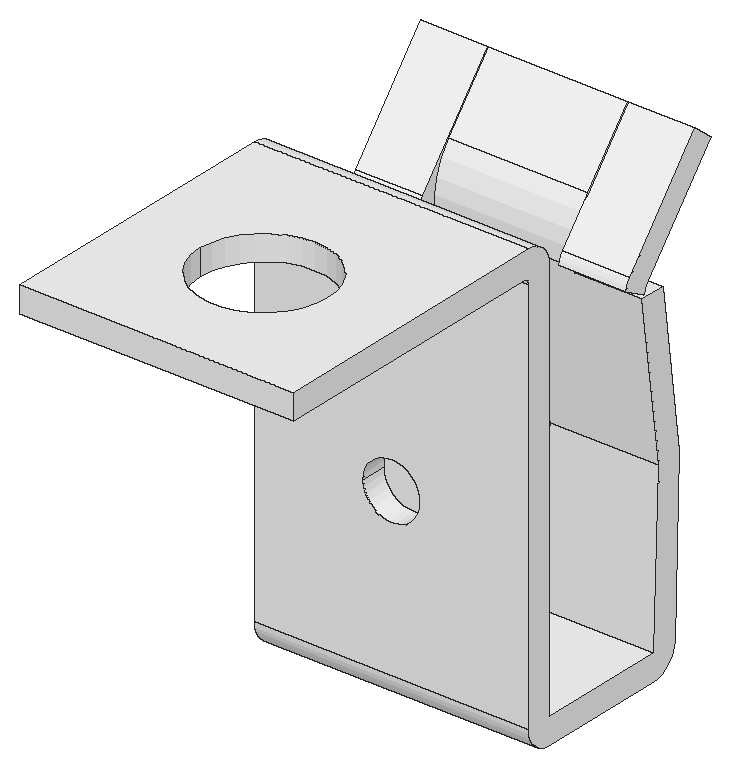
Revit family "C-25用ハンガー", category 機械設備, Revit 2020
Family settings
  丸型コネクタ寸法 = 直径を使用
  種別 = なし
  パーツ タイプ = 標準
  作業面ベース = いいえ
  常に垂直 = はい
  ロード時にボイドで切り取り = いいえ
  共有 = いいえ
  部屋計算ポイント = いいえ
Parameters
  製造元 = "株式会社桐井製作所"
  既定の高さ = 0 mm
  URL = "https://www.kirii.co.jp/"
  K_材質 = "SGHC　一般用"
  K_品名 = "C-25用ハンガー"
  K_名称 = "その他ハンガー"
  K_入数 = "500"
  K_バージョン情報 = "20211012"
  K_めっき付着量 = "Z12"
  K_JIS規格 = "JIS G 3302"
Reference planes
  plane 1 "中心(正面/背面)": y = 0
  plane 2: z = 0
  plane 3 "中心(左/右)": x = 0
  plane 4: x = 10.75
  plane 5: x = -10.75
Forms (mm)
  Extrusion 1, void
    sketch origin (0, -1.432, 0) x (1, 0, 0) y (0, 1, 0)
      loop
        line (-10.75, 12.416) -> (-10.75, 3.942) -> (-5.5, 3.942) -> (-5.5, 12.416) -> (-10.75, 12.416)
      loop
        line (5.5, 12.433) -> (5.5, 3.952) -> (10.75, 3.952) -> (10.75, 12.433) -> (5.5, 12.433)
    from 25.4 to 35.14
  Extrusion 2, void
    sketch origin (0, -2.227, 0) x (1, 0, 0) y (0, 1, 0)
      loop
        circle (0, -17.432) r 5
    from 31.8 to 33.8
  Extrusion 3, solid
    sketch origin (0, 0, -1.6) x (0, 1, 0) y (0, 0, 1)
      loop
        line (5.604, 14.6) -> (5.15, 1.6) -> (-5.15, 1.6) -> (-5.15, 33.4)
        arc (-5.15, 33.4) -> (-5.736, 34.814) -> (-7.15, 35.4) r 2
        line (-7.15, 35.4) -> (-30.15, 35.4) -> (-30.15, 33.4) -> (-7.65, 33.4)
        arc (-7.65, 33.4) -> (-7.296, 33.254) -> (-7.15, 32.9) r 0.5
        line (-7.15, 32.9) -> (-7.15, 1.6)
        arc (-7.15, 1.6) -> (-6.564, 0.186) -> (-5.15, -0.4) r 2
        line (-5.15, -0.4) -> (5.15, -0.4)
        arc (5.15, -0.4) -> (6.539, 0.161) -> (7.149, 1.53) r 2
        line (7.149, 1.53) -> (7.609, 14.698) -> (5.885, 27.656)
        arc (5.885, 27.656) -> (6.007, 29.294) -> (6.777, 30.744) r 4
        line (6.777, 30.744) -> (10.694, 35.445) -> (9.17, 36.74) -> (5.24, 32.024)
        arc (5.24, 32.024) -> (4.086, 29.849) -> (3.902, 27.392) r 6
        line (3.902, 27.392) -> (5.604, 14.6)
    from -10.75 to 10.75
  Extrusion 4, solid
    sketch origin (0, 0, 0) x (0, 1, 0) y (0, 0, 1)
      loop
        line (10.694, 33.845) -> (9.17, 35.14) -> (2.757, 27.444)
        arc (2.757, 27.444) -> (2.507, 27.063) -> (2.35, 26.635) r 2
        line (2.35, 26.635) -> (4.102, 25.629)
        arc (4.102, 25.629) -> (4.259, 26.045) -> (4.503, 26.415) r 2
        line (4.503, 26.415) -> (10.694, 33.845)
    from -10.75 to 10.75
  Extrusion 5, void
    sketch origin (0, 0, 0) x (1, 0, 0) y (0, 1, 0)
      loop
        circle (0, 0.023) r 2.25
    from -2 to 0
  Extrusion 6, void
    sketch origin (0, -8.562, 5.156) x (1, 0, 0) y (0, 1, 0)
      loop
        line (-5.5, 19.885) -> (-5.5, 10.912) -> (5.5, 10.912) -> (5.5, 19.885) -> (-5.5, 19.885)
    from 19.337 to 30.9
  Extrusion 7, void
    sketch origin (0, 0, 0) x (1, 0, 0) y (0, 0, 1)
      loop
        circle (0, 13) r 2.25
    from 5.15 to 7.15
  Extrusion 8, void
    sketch origin (0, 12.455, 0) x (1, 0, 0) y (0, 0, 1)
      loop
        circle (0, 13) r 2.25
    from 4.805 to 7.15
Cuts and joins
  Extrusion 1, Extrusion 2, Extrusion 5, Extrusion 7, Extrusion 8 cuts Extrusion 3
  Extrusion 6 cuts Extrusion 4
Dimensions and locks
  aligned and locked: level to plane 2
